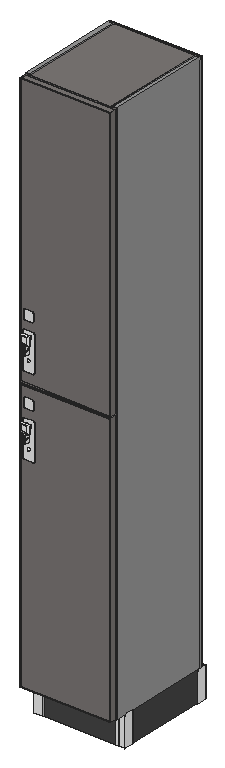
Revit family "Wood_Lockers_Hasps-Salsbury_Industries-42000_Series-1_Wide_Units.rfa", category Specialty Equipment, Revit 2016 (continued)
Definition of nested family "Wood Locker Side Panels-No Slope"
  Reference planes (in)
    plane 14 "Top of Wood": z = 71.969
    plane 15 "Bottom of Wood": z = 0.031
  Forms (in)
    Extrusion 1, solid, visible <- "Visible"
      sketch origin (0, 0.375, 0) x (1, 0, 0) y (0, 0, 1)
        loop
          line (7.2815, 71.969) -> (-7.2815, 71.969) -> (-7.2815, 0.031) -> (7.2815, 0.031) -> (7.2815, 71.969)
      from 0 to 0.719
    Extrusion 2, solid, material <- "Laminate Surface", visible <- "Visible"
      sketch origin (0, -0.375, 0) x (1, 0, 0) y (0, 0, 1)
        loop
          line (-7.3125, 72) -> (-7.3125, 0) -> (7.3125, 0) -> (7.3125, 72) -> (-7.3125, 72)
      from -0.031 to 0
    Extrusion 3, solid, material <- "Laminate Surface", visible <- "Visible"
      sketch origin (0, 0, 0) x (1, 0, 0) y (0, 0, 1)
        loop
          line (-7.3125, 0) -> (7.3125, 0) -> (7.3125, 72) -> (-7.3125, 72) -> (-7.3125, 0)
        loop
          line (-7.2815, 0.031) -> (7.2815, 0.031) -> (7.2815, 71.969) -> (-7.2815, 71.969) -> (-7.2815, 0.031)
      from -0.375 to 0.344
  Dimensions and locks (in)
    equal spacing: plane 6 "Left Side", plane 3 "Center (Left/Right)", plane 7 "Right Side"
    plane 5 "Front" to plane 1 "Center (Front/Back)" to plane 4 "Back" = 0.375", 0.375"
    "Width": plane 6 "Left Side" to plane 7 "Right Side"
    "Depth": plane 5 "Front" to plane 4 "Back"
    equal spacing: plane 9 "Top", plane 10 "Center Elevation", plane 8 "Bottom"
    "Height": plane 9 "Top" to plane 8 "Bottom"
    locked: plane 5 "Front" to plane 11 "Wood - Laminate Edge" at 0.031
    locked: plane 15 "Bottom of Wood" to plane 8 "Bottom" at 0.031
    locked: plane 12 "Right Side of Wood" to plane 7 "Right Side" at 0.031
    locked: plane 6 "Left Side" to plane 13 "Left Side of Wood" at 0.031
    locked: plane 9 "Top" to plane 14 "Top of Wood" at 0.031
    aligned and locked: level to plane 2
    aligned and locked: Extrusion 2 sketch curve to plane 7 "Right Side"
    aligned and locked: plane 8 "Bottom" to Extrusion 2 sketch curve
    aligned and locked: plane 6 "Left Side" to Extrusion 2 sketch curve
    aligned and locked: plane 9 "Top" to Extrusion 2 sketch curve
    aligned and locked: Extrusion 3 to plane 4 "Back"
    aligned and locked: plane 11 "Wood - Laminate Edge" to Extrusion 3
  Automatic sketch dimensions
    plane 13 "Left Side of Wood" to Extrusion 1 sketch curve = 0.000"
    plane 12 "Right Side of Wood" to Extrusion 1 sketch curve = 0.000"
    Extrusion 1 sketch curve to plane 15 "Bottom of Wood" = 0.000"
    Extrusion 1 sketch curve to plane 14 "Top of Wood" = 0.000"
    plane 13 "Left Side of Wood" to Extrusion 3 sketch curve = 0.000"
    Extrusion 3 sketch curve to level = 0.000"
    plane 13 "Left Side of Wood" to Extrusion 3 sketch curve = 0.031"
    plane 12 "Right Side of Wood" to Extrusion 3 sketch curve = 0.000"
    plane 7 "Right Side" to Extrusion 3 sketch curve = 0.000"
    Extrusion 3 sketch curve to plane 15 "Bottom of Wood" = 0.000"
    Extrusion 3 sketch curve to plane 14 "Top of Wood" = 0.000"
    Extrusion 3 sketch curve to plane 9 "Top" = 0.000"
Definition of nested family "Wood Locker Side Panels-With Slope"
  Parameters (values of type "44334 - 6' H  for 18" D Lockers")
    Width = 17.625"
    Visible = yes
    Version = "1.0 (12/15/23)"
    Type Comments = "Side Panel for Premier Wood Lockers with Sloping Hood"
    Slope Height = 6.806"
    Model = "44334"
    Manufacturer = "Salsbury Industries"
    Laminate Surface = none
    Height = 72.062"
    Door Trim = none
    Description = "6' H for 18\" D Lockers"
    Depth = 0.750"
  Types (6): name | Width | Visible | Version | Type Comments | Slope Height | Model | Manufacturer | Height | Description
    (no name) | 17.625" | yes | "1.0 (12/15/23)" | "Side Panel for Premier Wood Lockers with Sloping Hood" | 6.806" | "44334" | "Salsbury Industries" | 72.062" | "6' H for 18\" D Lockers"
    44334 - 6' H  for 18" D Lockers | 17.625" | yes | "1.0 (12/15/23)" | "Side Panel for Premier Wood Lockers with Sloping Hood" | 6.806" | "44334" | "Salsbury Industries" | 72.062" | "6' H for 18\" D Lockers"
    44336 - 6' H for 21" D Lockers | 20.625" | yes | "1.0 (12/15/23)" | "Side Panel for Premier Wood Lockers with Sloping Hood" | 7.931" | "44336" | "Salsbury Industries" | 72.062" | "6' H for 21\" D Lockers"
    None | 14.625" | no | "" | "" | 5.681" | "" | "" | 72.062" | ""
    44339 - 6' H for 15" D Lockers | 14.625" | yes | "1.0 (12/15/23)" | "Side Panel for Premier Wood Lockers with Sloping Hood" | 5.681" | "44339" | "Salsbury Industries" | 72.062" | "6' H for 15\" D Lockers"
    44238- 6' H for 24" D Lockers | 23.625" | yes | "1.0 (12/15/23)" | "Side Panel for Premier Wood Lockers with Sloping Hood" | 8.608" | "44238" | "Salsbury Industries" | 72.153" | "6' H for 24\" D Lockers"
  Reference planes (in)
    plane 1 "Center (Front/Back)": y = 0
    plane 2: z = 0
    plane 3 "Center (Left/Right)": x = 0
    plane 4 "Back": y = 0.375
    plane 5 "Front": y = -0.375
    plane 6 "Left Side": x = -8.8125
    plane 7 "Right Side": x = 8.8125
    plane 8 "Bottom": z = 0
    plane 9 "Top": z = 72.062
    plane 10 "Center Elevation": z = 36.031
    plane 11 "Wood - Laminate Edge": y = -0.344
    plane 12 "Right Side of Wood": x = 8.7815
    plane 13 "Left Side of Wood": x = -8.7815
    plane 14 "Top of Wood": z = 71.937
    plane 15 "Bottom of Wood": z = 0.031
    plane 16: z = 78.868
    plane 17: z = 78.743
  Forms (in)
    Extrusion 1, solid, visible <- "Visible"
      sketch origin (0, 0.375, 0) x (1, 0, 0) y (0, 0, 1)
        loop
          line (-8.8125, 78.837) -> (-8.8125, 0) -> (8.7815, 0) -> (8.7815, 72.04287) -> (-8.8125, 78.837)
      from 0 to 0.719
    Extrusion 2, solid, material <- "Laminate Surface", visible <- "Visible"
      sketch origin (0, -0.375, 0) x (1, 0, 0) y (0, 0, 1)
        loop
          line (-8.8125, 0) -> (8.8125, 0) -> (8.8125, 72.062) -> (-8.8125, 78.868) -> (-8.8125, 0)
      from -0.031 to 0
    Extrusion 3, solid, material <- "Laminate Surface", visible <- "Visible"
      sketch origin (0, -0.375, 0) x (1, 0, 0) y (0, 0, 1)
        loop
          line (8.8125, 0) -> (8.8125, 72.062) -> (-8.8125, 78.868) -> (-8.8125, 78.837) -> (8.7815, 72.04287) -> (8.7815, 0) -> (8.8125, 0)
      from -0.031 to -0.75
  Dimensions and locks (in)
    equal spacing: plane 6 "Left Side", plane 3 "Center (Left/Right)", plane 7 "Right Side"
    plane 5 "Front" to plane 1 "Center (Front/Back)" to plane 4 "Back" = 0.375", 0.375"
    "Width": plane 6 "Left Side" to plane 7 "Right Side"
    "Depth": plane 5 "Front" to plane 4 "Back"
    equal spacing: plane 9 "Top", plane 10 "Center Elevation", plane 8 "Bottom"
    "Height": plane 9 "Top" to plane 8 "Bottom"
    locked: plane 5 "Front" to plane 11 "Wood - Laminate Edge" at 0.031
    locked: plane 15 "Bottom of Wood" to plane 8 "Bottom" at 0.031
    locked: plane 12 "Right Side of Wood" to plane 7 "Right Side" at 0.031
    locked: plane 6 "Left Side" to plane 13 "Left Side of Wood" at 0.031
    locked: plane 9 "Top" to plane 14 "Top of Wood" at 0.125
    "Slope Height": plane 16 to plane 9 "Top"
    locked: plane 16 to plane 17 at 0.125
    aligned and locked: level to plane 2
    aligned and locked: Extrusion 3 to plane 4 "Back"
    aligned and locked: plane 11 "Wood - Laminate Edge" to Extrusion 3
  Automatic sketch dimensions
    plane 6 "Left Side" to Extrusion 2 sketch curve = 0.000"
    plane 7 "Right Side" to Extrusion 2 sketch curve = 0.000"
    Extrusion 2 sketch curve to level = 0.000"
    Extrusion 2 sketch curve to plane 9 "Top" = 0.000"
    Extrusion 2 sketch curve to plane 16 = 0.000"
    Extrusion 1 sketch curve to level = 0.000"
    plane 6 "Left Side" to Extrusion 1 sketch curve = 0.000"
    plane 12 "Right Side of Wood" to Extrusion 1 sketch curve = 0.000"
    plane 9 "Top" to Extrusion 1 sketch curve = 0.01913"
    plane 6 "Left Side" to Extrusion 3 sketch curve = 0.000"
    plane 12 "Right Side of Wood" to Extrusion 3 sketch curve = 0.000"
    plane 7 "Right Side" to Extrusion 3 sketch curve = 0.000"
    Extrusion 3 sketch curve to level = 0.000"
    Extrusion 3 sketch curve to plane 9 "Top" = 0.000"
    Extrusion 3 sketch curve to plane 16 = 0.000"
    plane 9 "Top" to Extrusion 3 sketch curve = 0.01913"
    plane 16 to Extrusion 3 sketch curve = 0.031"
    plane 16 to Extrusion 1 sketch curve = 0.031"
Definition of nested family "Wood Locker Double Side Panels-No Slope"
  Parameters (values of type "44330DE - 6' H for 15"D Lockers")
    Width = 29.250"
    Visible = yes
    Version = "1.0 (12/15/23)"
    Type Comments = "Double End Panel for Premier Wood Lockers"
    Model = "44330DE"
    Manufacturer = "Salsbury Industries"
    Laminate Surface = none
    Height = 72.000"
    Door Trim = none
    Description = "For 6' H x 15\" D without Sloping Hood"
    Depth = 0.750"
  Types (6): name | Width | Visible | Version | Type Comments | Model | Manufacturer | Description
    (no name) | 29.250" | yes | "1.0 (12/15/23)" | "Double End Panel for Premier Wood Lockers" | "44330DE" | "Salsbury Industries" | "For 6' H x 15\" D without Sloping Hood"
    44330DE - 6' H for 15"D Lockers | 29.250" | yes | "1.0 (12/15/23)" | "Double End Panel for Premier Wood Lockers" | "44330DE" | "Salsbury Industries" | "For 6' H x 15\" D without Sloping Hood"
    44333DE - 6' H for 18" D Lockers | 35.250" | yes | "1.0 (12/15/23)" | "Double End Panel for Premier Wood Lockers" | "44333DE" | "Salsbury Industries" | "For 6' H x 18\" D without Sloping Hood"
    44335DE - 6' H for 21" D Lockers | 41.250" | yes | "1.0 (12/15/23)" | "Double End Panel for Premier Wood Lockers" | "44335DE" | "Salsbury Industries" | "For 6' H x 21\" D without Sloping Hood"
    None | 14.000" | no | "" | "" | "" | "" | ""
    44237DE - 6' H for 24" D Lockers | 47.250" | yes | "1.0 (12/15/23)" | "Double End Panel for Premier Wood Lockers" | "44237DE" | "Salsbury Industries" | "For 6' H x 21\" D without Sloping Hood"
  Reference planes (in)
    plane 1 "Center (Front/Back)": y = 0
    plane 2: z = 0
    plane 3 "Center (Left/Right)": x = 0
    plane 4 "Back": y = 0.375
    plane 5 "Front": y = -0.375
    plane 6 "Left Side": x = -14.625
    plane 7 "Right Side": x = 14.625
    plane 8 "Bottom": z = 0
    plane 9 "Top": z = 72
    plane 10 "Center Elevation": z = 36
    plane 11 "Wood - Laminate Edge": y = -0.344
    plane 12 "Right Side of Wood": x = 14.594
    plane 13 "Left Side of Wood": x = -14.594
    plane 14 "Top of Wood": z = 71.969
    plane 15 "Bottom of Wood": z = 0.031
  Forms (in)
    Extrusion 1, solid, visible <- "Visible"
      sketch origin (0, 0.375, 0) x (1, 0, 0) y (0, 0, 1)
        loop
          line (14.594, 71.969) -> (-14.594, 71.969) -> (-14.594, 0.031) -> (14.594, 0.031) -> (14.594, 71.969)
      from 0 to 0.719
    Extrusion 2, solid, material <- "Laminate Surface", visible <- "Visible"
      sketch origin (0, -0.375, 0) x (1, 0, 0) y (0, 0, 1)
        loop
          line (-14.625, 72) -> (-14.625, 0) -> (14.625, 0) -> (14.625, 72) -> (-14.625, 72)
      from -0.031 to 0
    Extrusion 3, solid, material <- "Laminate Surface", visible <- "Visible"
      sketch origin (0, 0, 0) x (1, 0, 0) y (0, 0, 1)
        loop
          line (-14.625, 0) -> (14.625, 0) -> (14.625, 72) -> (-14.625, 72) -> (-14.625, 0)
        loop
          line (14.594, 71.969) -> (-14.594, 71.969) -> (-14.594, 0.031) -> (14.594, 0.031) -> (14.594, 71.969)
      from -0.375 to 0.344
  Dimensions and locks (in)
    equal spacing: plane 6 "Left Side", plane 3 "Center (Left/Right)", plane 7 "Right Side"
    plane 5 "Front" to plane 1 "Center (Front/Back)" to plane 4 "Back" = 0.375", 0.375"
    "Width": plane 6 "Left Side" to plane 7 "Right Side"
    "Depth": plane 5 "Front" to plane 4 "Back"
    equal spacing: plane 9 "Top", plane 10 "Center Elevation", plane 8 "Bottom"
    "Height": plane 9 "Top" to plane 8 "Bottom"
    locked: plane 5 "Front" to plane 11 "Wood - Laminate Edge" at 0.031
    locked: plane 15 "Bottom of Wood" to plane 8 "Bottom" at 0.031
    plane 12 "Right Side of Wood" to plane 7 "Right Side" = 0.031"
    locked: plane 6 "Left Side" to plane 13 "Left Side of Wood" at 0.031
    locked: plane 9 "Top" to plane 14 "Top of Wood" at 0.031
    aligned and locked: level to plane 2
    aligned and locked: plane 8 "Bottom" to Extrusion 2 sketch curve
    aligned and locked: plane 6 "Left Side" to Extrusion 2 sketch curve
    aligned and locked: Extrusion 2 sketch curve to plane 7 "Right Side"
    aligned and locked: plane 9 "Top" to Extrusion 2 sketch curve
    aligned and locked: Extrusion 3 to plane 4 "Back"
    aligned and locked: plane 11 "Wood - Laminate Edge" to Extrusion 3
  Automatic sketch dimensions
    plane 13 "Left Side of Wood" to Extrusion 1 sketch curve = 0.000"
    plane 12 "Right Side of Wood" to Extrusion 1 sketch curve = 0.000"
    Extrusion 1 sketch curve to plane 15 "Bottom of Wood" = 0.000"
    Extrusion 1 sketch curve to plane 14 "Top of Wood" = 0.000"
    Extrusion 3 sketch curve to level = 0.000"
    plane 6 "Left Side" to Extrusion 3 sketch curve = 0.000"
    plane 7 "Right Side" to Extrusion 3 sketch curve = 0.000"
    Extrusion 3 sketch curve to plane 9 "Top" = 0.000"
    plane 13 "Left Side of Wood" to Extrusion 3 sketch curve = 0.000"
    Extrusion 3 sketch curve to plane 15 "Bottom of Wood" = 0.000"
    Extrusion 3 sketch curve to plane 14 "Top of Wood" = 0.000"
    plane 12 "Right Side of Wood" to Extrusion 3 sketch curve = 0.000"
Definition of nested family "Wood Locker Double Side Panels-With Slope"
  Parameters (values of type "44339DE - 6' H for 15"D Lockers")
    Width = 29.250"
    Visible = yes
    Version = "1.0 (12/15/23)"
    Type Comments = "Double End Panel for Premier Wood Lockers"
    Slope Height = 5.681"
    Model = "44339DE"
    Manufacturer = "Salsbury Industries"
    Laminate Surface = none
    Height = 72.062"
    Door Trim = none
    Description = "For 6' H x 15\" D Lockers with Sloping Hood"
    Depth = 0.750"
  Types (6): name | Width | Visible | Version | Type Comments | Slope Height | Model | Manufacturer | Height | Description
    (no name) | 29.250" | yes | "1.0 (12/15/23)" | "Double End Panel for Premier Wood Lockers" | 5.681" | "44339DE" | "Salsbury Industries" | 72.062" | "For 6' H x 15\" D Lockers with Sloping Hood"
    44339DE - 6' H for 15"D Lockers | 29.250" | yes | "1.0 (12/15/23)" | "Double End Panel for Premier Wood Lockers" | 5.681" | "44339DE" | "Salsbury Industries" | 72.062" | "For 6' H x 15\" D Lockers with Sloping Hood"
    44334DE - 6' H  for 18" D Lockers | 35.250" | yes | "1.0 (12/15/23)" | "Double End Panel for Premier Wood Lockers" | 6.806" | "44334DE" | "Salsbury Industries" | 72.062" | "For 6' H x 18\" D Lockers with Sloping Hood"
    44336DE - 6' H for 21" D Lockers | 41.250" | yes | "1.0 (12/15/23)" | "Double End Panel for Premier Wood Lockers" | 7.931" | "44336DE" | "Salsbury Industries" | 72.062" | "For 6' H x 21\" D Lockers with Sloping Hood"
    None | 14.000" | no | "" | "" | 5.500" | "" | "" | 72.000" | ""
    44238DE - 6' H for 24" D Lockers | 47.250" | yes | "1.0 (12/15/23)" | "Double End Panel for Premier Wood Lockers" | 8.895" | "442386DE" | "Salsbury Industries" | 72.153" | "For 6' H x 21\" D Lockers with Sloping Hood"
  Reference planes (in)
    plane 1 "Center (Front/Back)": y = 0
    plane 2: z = 0
    plane 3 "Center (Left/Right)": x = 0
    plane 4 "Back": y = 0.375
    plane 5 "Front": y = -0.375
    plane 6 "Left Side": x = -14.625
    plane 7 "Right Side": x = 14.625
    plane 8 "Bottom": z = 0
    plane 9 "Top": z = 72.062
    plane 10 "Center Elevation": z = 36.031
    plane 11 "Wood - Laminate Edge": y = -0.344
    plane 12 "Right Side of Wood": x = 14.594
    plane 13 "Left Side of Wood": x = -14.594
    plane 14 "Top of Wood": z = 71.937
    plane 15 "Bottom of Wood": z = 0.125
    plane 16: z = 77.743
    plane 17: z = 77.712
  Forms (in)
    Extrusion 1, solid, visible <- "Visible"
      sketch origin (0, 0.375, 0) x (1, 0, 0) y (0, 0, 1)
        loop
          line (14.594, 72.031) -> (0, 77.712) -> (-14.594, 72.031) -> (-14.594, 0) -> (14.594, 0) -> (14.594, 72.031)
      from 0 to 0.719
    Extrusion 2, solid, material <- "Laminate Surface", visible <- "Visible"
      sketch origin (0, -0.375, 0) x (1, 0, 0) y (0, 0, 1)
        loop
          line (14.625, 0) -> (14.625, 72.062) -> (0, 77.743) -> (-14.625, 72.062) -> (-14.625, 0) -> (14.625, 0)
      from -0.031 to 0
    Extrusion 3, solid, material <- "Laminate Surface", visible <- "Visible"
      sketch origin (0, 0.375, 0) x (1, 0, 0) y (0, 0, 1)
        loop
          line (14.625, 0) -> (14.625, 72.062) -> (0, 77.743) -> (-14.625, 72.062) -> (-14.625, 0) -> (-14.594, 0) -> (-14.594, 72.031) -> (0, 77.712) -> (14.594, 72.031) -> (14.594, 0) -> (14.625, 0)
      from 0 to 0.719
  Dimensions and locks (in)
    equal spacing: plane 6 "Left Side", plane 3 "Center (Left/Right)", plane 7 "Right Side"
    plane 5 "Front" to plane 1 "Center (Front/Back)" to plane 4 "Back" = 0.375", 0.375"
    "Width": plane 6 "Left Side" to plane 7 "Right Side"
    "Depth": plane 5 "Front" to plane 4 "Back"
    equal spacing: plane 9 "Top", plane 10 "Center Elevation", plane 8 "Bottom"
    "Height": plane 9 "Top" to plane 8 "Bottom"
    locked: plane 5 "Front" to plane 11 "Wood - Laminate Edge" at 0.031
    locked: plane 15 "Bottom of Wood" to plane 8 "Bottom" at 0.125
    locked: plane 12 "Right Side of Wood" to plane 7 "Right Side" at 0.031
    locked: plane 6 "Left Side" to plane 13 "Left Side of Wood" at 0.031
    locked: plane 9 "Top" to plane 14 "Top of Wood" at 0.125
    "Slope Height": plane 16 to plane 9 "Top"
    locked: plane 16 to plane 17 at 0.031
    aligned and locked: level to plane 2
    aligned and locked: Extrusion 3 to plane 4 "Back"
    aligned and locked: plane 11 "Wood - Laminate Edge" to Extrusion 3
  Automatic sketch dimensions
    plane 6 "Left Side" to Extrusion 2 sketch curve = 0.000"
    Extrusion 2 sketch curve to plane 3 "Center (Left/Right)" = 0.000"
    plane 7 "Right Side" to Extrusion 2 sketch curve = 0.000"
    Extrusion 2 sketch curve to level = 0.000"
    Extrusion 2 sketch curve to plane 9 "Top" = 0.000"  (x2)
    Extrusion 2 sketch curve to plane 16 = 0.000"
    Extrusion 1 sketch curve to level = 0.000"
    plane 13 "Left Side of Wood" to Extrusion 1 sketch curve = 0.000"
    Extrusion 1 sketch curve to plane 3 "Center (Left/Right)" = 0.000"
    plane 12 "Right Side of Wood" to Extrusion 1 sketch curve = 0.000"
    Extrusion 1 sketch curve to plane 17 = 0.000"
    plane 9 "Top" to Extrusion 1 sketch curve = 0.031"  (x2)
    Extrusion 3 sketch curve to level = 0.000"  (x2)
    plane 6 "Left Side" to Extrusion 3 sketch curve = 0.000"
    plane 13 "Left Side of Wood" to Extrusion 3 sketch curve = 0.000"
    Extrusion 3 sketch curve to plane 3 "Center (Left/Right)" = 0.000"  (x2)
    plane 12 "Right Side of Wood" to Extrusion 3 sketch curve = 0.000"
    plane 7 "Right Side" to Extrusion 3 sketch curve = 0.000"
    Extrusion 3 sketch curve to plane 9 "Top" = 0.000"  (x2)
    plane 9 "Top" to Extrusion 3 sketch curve = 0.031"  (x2)
    Extrusion 3 sketch curve to plane 17 = 0.000"
    Extrusion 3 sketch curve to plane 16 = 0.000"
Definition of nested family "Wood Locker Front Fillers"
  Parameters (values of type "44467 - 15" W for 6'H Lockers without Base")
    Width = 15.000"
    Visible Base = no
    Visible = yes
    Version = "1.0 (12/15/23)"
    Type Comments = "Front Vertical Filler for Premier Wood Lockers"
    Model = "44467"
    Manufacturer = "Salsbury Industries"
    Laminate Surface = none
    Height = 72.000"
    Description = "For 6' H Lockers"
    Depth = 0.750"
    Base Material = none
    Base Height = 0.000"
  Types (3): name | Width | Visible | Version | Type Comments | Model | Manufacturer | Description | Base Height
    None | 15.000" | no | "" | "" | "" | "" | "" | 4.000"
    44467 - 15" W for 6'H Lockers without Base | 15.000" | yes | "1.0 (12/15/23)" | "Front Vertical Filler for Premier Wood Lockers" | "44467" | "Salsbury Industries" | "For 6' H Lockers" | 0.000"
    44469 - 9" W for 6' H Lockers without Base | 9.000" | yes | "1.0 (12/15/23)" | "Front Vertical Filler for Premier Wood Lockers" | "44469" | "Salsbury Industries" | "For 6' H Lockers" | 0.000"
  Reference planes (in)
    plane 1 "Center (Front/Back)": y = 0
    plane 2: z = 0
    plane 3 "Center (Left/Right)": x = 0
    plane 4 "Back": y = 0.375
    plane 5 "Front": y = -0.375
    plane 6 "Left Side": x = -7.5
    plane 7 "Right Side": x = 7.5
    plane 8 "Bottom": z = 0
    plane 9 "Top": z = 72
    plane 10 "Center Elevation": z = 36
    plane 11 "Wood - Laminate Edge": y = -0.344
    plane 12 "Right Side of Wood": x = 7.375
    plane 13 "Left Side of Wood": x = -7.375
    plane 14 "Top of Wood": z = 71.875
    plane 15 "Bottom of Wood": z = 0.125
    plane 16 "Front of Base Filler": y = 1
  Forms (in)
    Extrusion 1, solid, visible <- "Visible"
      sketch origin (0, 0.375, 0) x (1, 0, 0) y (0, 0, 1)
        loop
          line (7.5, 72) -> (-7.5, 72) -> (-7.5, 0) -> (7.5, 0) -> (7.5, 72)
      from 0 to 0.719
    Extrusion 2, solid, material <- "Laminate Surface", visible <- "Visible"
      sketch origin (0, -0.375, 0) x (1, 0, 0) y (0, 0, 1)
        loop
          line (-7.5, 72) -> (-7.5, 0) -> (7.5, 0) -> (7.5, 72) -> (-7.5, 72)
      from -0.031 to 0
    Extrusion 3, solid, material <- "Base Material", visible <- "Visible Base"
      sketch origin (0, 0, 0) x (1, 0, 0) y (0, 1, 0)
        loop
          line (-7.5, 1.75) -> (-7.5, 0.375) -> (7.5, 0.375) -> (7.5, 1.75) -> (-7.5, 1.75)
      from 0 to 0.75
    Extrusion 4, solid, material <- "Base Material", visible <- "Visible Base"
      sketch origin (0, 0, 0) x (1, 0, 0) y (0, 1, 0)
        loop
          line (-7.5, 1.75) -> (-7.5, 1) -> (7.5, 1) -> (7.5, 1.75) -> (-7.5, 1.75)
      from 0 to -4
  Dimensions and locks (in)
    equal spacing: plane 6 "Left Side", plane 3 "Center (Left/Right)", plane 7 "Right Side"
    plane 5 "Front" to plane 1 "Center (Front/Back)" to plane 4 "Back" = 0.375", 0.375"
    "Width": plane 6 "Left Side" to plane 7 "Right Side"
    "Depth": plane 5 "Front" to plane 4 "Back"
    equal spacing: plane 9 "Top", plane 10 "Center Elevation", plane 8 "Bottom"
    locked: plane 5 "Front" to plane 11 "Wood - Laminate Edge" at 0.031
    locked: plane 15 "Bottom of Wood" to plane 8 "Bottom" at 0.125
    locked: plane 12 "Right Side of Wood" to plane 7 "Right Side" at 0.125
    locked: plane 6 "Left Side" to plane 13 "Left Side of Wood" at 0.125
    locked: plane 9 "Top" to plane 14 "Top of Wood" at 0.125
    locked: plane 5 "Front" to plane 16 "Front of Base Filler" at 1.375
    "Base Height": plane 8 "Bottom" to plane 2
    "Height": plane 9 "Top" to plane 8 "Bottom"
    aligned and locked: level to plane 2
    aligned and locked: plane 8 "Bottom" to Extrusion 1
  Automatic sketch dimensions
    plane 6 "Left Side" to Extrusion 1 sketch curve = 0.000"
    plane 7 "Right Side" to Extrusion 1 sketch curve = 0.000"
    level to Extrusion 1 sketch curve = 0.000"
    Extrusion 1 sketch curve to plane 9 "Top" = 0.000"
    plane 6 "Left Side" to Extrusion 2 sketch curve = 0.000"
    plane 7 "Right Side" to Extrusion 2 sketch curve = 0.000"
    plane 15 "Bottom of Wood" to Extrusion 2 sketch curve = 0.125"
    Extrusion 2 sketch curve to plane 9 "Top" = 0.000"
    plane 4 "Back" to Extrusion 3 sketch curve = 0.000"
    Extrusion 3 sketch curve to plane 6 "Left Side" = 0.000"
    Extrusion 3 sketch curve to plane 7 "Right Side" = 0.000"
    Extrusion 3 sketch curve to plane 16 "Front of Base Filler" = 0.750"
    Extrusion 4 sketch curve to plane 6 "Left Side" = 0.000"
    Extrusion 4 sketch curve to plane 7 "Right Side" = 0.000"
    plane 16 "Front of Base Filler" to Extrusion 4 sketch curve = 0.000"
    Extrusion 4 sketch curve to plane 16 "Front of Base Filler" = 0.750"
Definition of nested family "Wood Locker Front Corner Filler"
  Parameters (values of type "44464 - for 6' H Lockers with Base")
    Width = 2.250"
    Visible Base = yes
    Visible = yes
    Version = "1.0 (12/15/23)"
    Type Comments = "Front Vertical Corner Filler for Designer Wood Lockers"
    Primary Structure Materials = none
    Model = "44464"
    Manufacturer = "Salsbury Industries"
    Laminate Surface = none
    Height = 72.000"
    Description = "For 6' H Lockers"
    Depth = 0.750"
    Base Primary Materials = none
    Base Height = 4.000"
  Types (3): name | Visible Base | Visible | Version | Type Comments | Model | Manufacturer | Description | Base Height
    None | no | no | "" | "" | "" | "" | "" | 4.000"
    44464 - for 6'H Lockers without Base | no | yes | "1.0 (12/15/23)" | "Front Vertical Corner Filler for Designer Wood Lockers" | "44464" | "Salsbury Industries" | "For 6' H Lockers" | 0.000"
    44464 - for 6' H Lockers with Base | yes | yes | "1.0 (12/15/23)" | "Front Vertical Corner Filler for Designer Wood Lockers" | "44464" | "Salsbury Industries" | "For 6' H Lockers" | 4.000"
  Reference planes (in)
    plane 1 "Center (Front/Back)": y = 0
    plane 2 "Bottom of Base": z = 0
    plane 3 "Center (Left/Right)": x = 0
    plane 4 "Back": y = 0.375
    plane 5 "Front": y = -0.375
    plane 6 "Left Side": x = -1.125
    plane 7 "Right Side": x = 1.125
    plane 8 "Bottom": z = 4
    plane 9 "Top": z = 76
    plane 10 "Center Elevation": z = 40
    plane 11 "Wood - Laminate Edge": y = -0.344
    plane 12 "Right Side of Wood": x = 1
    plane 13 "Left Side of Wood": x = -1
    plane 14 "Top of Wood": z = 75.875
    plane 15 "Bottom of Wood": z = 4.125
    plane 16 "Front of Base Filler": y = 1
  Forms (in)
    Extrusion 1, solid, material <- "Primary Structure Materials", visible <- "Visible"
      sketch origin (0, 0.375, 0) x (1, 0, 0) y (0, 0, 1)
        loop
          line (1.125, 76) -> (-1.156, 76) -> (-1.156, 4) -> (1.125, 4) -> (1.125, 76)
      from 0 to 0.719
    Extrusion 2, solid, material <- "Laminate Surface", visible <- "Visible"
      sketch origin (0, -0.375, 0) x (1, 0, 0) y (0, 0, 1)
        loop
          line (-1.125, 76) -> (-1.125, 4) -> (1.125, 4) -> (1.125, 76) -> (-1.125, 76)
      from -0.031 to 0
    Extrusion 3, solid, material <- "Primary Structure Materials", visible <- "Visible"
      sketch origin (-1.875, -1.5, 0) x (0, 1, 0) y (0, 0, 1)
        loop
          line (1.875, 76) -> (-1.125, 76) -> (-1.125, 4) -> (1.875, 4) -> (1.875, 76)
      from 0 to 0.719
    Extrusion 4, solid, material <- "Laminate Surface", visible <- "Visible"
      sketch origin (-1.125, -1.5, 0) x (0, 1, 0) y (0, 0, 1)
        loop
          line (-1.125, 76) -> (-1.125, 4) -> (1.156, 4) -> (1.156, 76) -> (-1.125, 76)
      from -0.031 to 0
    Extrusion 5, solid, material <- "Base Primary Materials", visible <- "Visible Base"
      sketch origin (0, 0, 0) x (1, 0, 0) y (0, 1, 0)
        loop
          line (-3.25, 1.75) -> (-3.25, -2.625) -> (-1.875, -2.625) -> (-1.875, 1.75) -> (-3.25, 1.75)
      from 4 to 4.75
    Extrusion 6, solid, material <- "Base Primary Materials", visible <- "Visible Base"
      sketch origin (0, 0, 0) x (1, 0, 0) y (0, 1, 0)
        loop
          line (-1.875, 1.75) -> (-1.875, 0.375) -> (1.125, 0.375) -> (1.125, 1.75) -> (-1.875, 1.75)
      from 4 to 4.75
    Extrusion 7, solid, material <- "Base Primary Materials", visible <- "Visible Base"
      sketch origin (0, 0, 0) x (1, 0, 0) y (0, 1, 0)
        loop
          line (1.125, 1.75) -> (-2.43407, 1.75) -> (-2.43407, 1) -> (1.125, 1) -> (1.125, 1.75)
      from 0 to 4
    Extrusion 8, solid, material <- "Base Primary Materials", visible <- "Visible Base"
      sketch origin (0, 0, 0) x (1, 0, 0) y (0, 1, 0)
        loop
          line (-3.25, 1.75) -> (-3.25, -2.625) -> (-2.43407, -2.625) -> (-2.43407, 1.75) -> (-3.25, 1.75)
      from 0 to 4
  Dimensions and locks (in)
    equal spacing: plane 6 "Left Side", plane 3 "Center (Left/Right)", plane 7 "Right Side"
    plane 5 "Front" to plane 1 "Center (Front/Back)" to plane 4 "Back" = 0.375", 0.375"
    "Width": plane 6 "Left Side" to plane 7 "Right Side"
    "Depth": plane 5 "Front" to plane 4 "Back"
    equal spacing: plane 9 "Top", plane 10 "Center Elevation", plane 8 "Bottom"
    "Height": plane 9 "Top" to plane 8 "Bottom"
    locked: plane 5 "Front" to plane 11 "Wood - Laminate Edge" at 0.031
    locked: plane 15 "Bottom of Wood" to plane 8 "Bottom" at 0.125
    locked: plane 12 "Right Side of Wood" to plane 7 "Right Side" at 0.125
    locked: plane 6 "Left Side" to plane 13 "Left Side of Wood" at 0.125
    locked: plane 9 "Top" to plane 14 "Top of Wood" at 0.125
    locked: plane 5 "Front" to plane 16 "Front of Base Filler" at 1.375
    "Base Height": plane 8 "Bottom" to plane 2 "Bottom of Base"
    aligned and locked: level to plane 2 "Bottom of Base"
    aligned and locked: plane 8 "Bottom" to Extrusion 1
    aligned and locked: Extrusion 7 to Extrusion 5
    aligned and locked: Extrusion 8 to Extrusion 5
    aligned and locked: Extrusion 7 to Extrusion 8
  Automatic sketch dimensions
    Extrusion 1 sketch curve to plane 9 "Top" = 0.000"
    Extrusion 1 sketch curve to plane 8 "Bottom" = 0.000"
    plane 7 "Right Side" to Extrusion 1 sketch curve = 0.000"
    plane 6 "Left Side" to Extrusion 1 sketch curve = 0.031"
    plane 6 "Left Side" to Extrusion 2 sketch curve = 0.000"
    plane 7 "Right Side" to Extrusion 2 sketch curve = 0.000"
    Extrusion 2 sketch curve to plane 8 "Bottom" = 0.000"
    Extrusion 2 sketch curve to plane 9 "Top" = 0.000"
    plane 9 "Top" to Extrusion 3 sketch curve = 0.000"
    plane 8 "Bottom" to Extrusion 3 sketch curve = 0.000"
    Extrusion 3 sketch curve to plane 4 "Back" = 0.000"
    plane 5 "Front" to Extrusion 3 sketch curve = 2.250"
    plane 8 "Bottom" to Extrusion 4 sketch curve = 0.000"
    plane 9 "Top" to Extrusion 4 sketch curve = 0.000"
    Extrusion 4 sketch curve to plane 11 "Wood - Laminate Edge" = 0.000"
    plane 5 "Front" to Extrusion 4 sketch curve = 2.250"
    plane 6 "Left Side" to Extrusion 5 sketch curve = 2.125"
    plane 6 "Left Side" to Extrusion 5 sketch curve = 0.750"
    plane 5 "Front" to Extrusion 5 sketch curve = 2.250"
    Extrusion 5 sketch curve to plane 16 "Front of Base Filler" = 0.750"
    plane 16 "Front of Base Filler" to Extrusion 7 sketch curve = 0.000"
    Extrusion 7 sketch curve to plane 7 "Right Side" = 0.000"
    plane 6 "Left Side" to Extrusion 7 sketch curve = 1.30907"
    Extrusion 7 sketch curve to plane 16 "Front of Base Filler" = 0.750"
    plane 6 "Left Side" to Extrusion 8 sketch curve = 2.125"
    Extrusion 8 sketch curve to Extrusion 8 sketch curve = 0.81593"
    plane 5 "Front" to Extrusion 8 sketch curve = 2.250"
    Extrusion 8 sketch curve to plane 16 "Front of Base Filler" = 0.750"
    plane 4 "Back" to Extrusion 6 sketch curve = 0.000"
    Extrusion 6 sketch curve to plane 7 "Right Side" = 0.000"
    plane 6 "Left Side" to Extrusion 6 sketch curve = 0.750"
    Extrusion 6 sketch curve to plane 16 "Front of Base Filler" = 0.750"
Definition of nested family "Wood Locker Sloping In-Line Fillers"
  Parameters (values of type "44481 - 15" W for 21" D Lockers")
    Width = 15.000"
    Visible = yes
    Version = "1.0 (12/15/23)"
    Type Comments = "Sloping Hood In-Line Filler for Premier Wood Lockers"
    Model = "44481"
    Manufacturer = "Salsbury Industries"
    Laminate Surface = none
    Height = 7.993"
    Description = "For 21\" D Lockers"
    Depth = 20.625"
  Types (10): name | Width | Visible | Version | Type Comments | Model | Manufacturer | Height | Description | Depth
    (no name) | 15.000" | yes | "1.0 (12/15/23)" | "Sloping Hood In-Line Filler for Premier Wood Lockers" | "44481" | "Salsbury Industries" | 7.993" | "For 21\" D Lockers" | 20.625"
    44487 - 15" W for 15" D Lockers | 15.000" | yes | "1.0 (12/15/23)" | "Sloping Hood In-Line Filler for Premier Wood Lockers" | "44487" | "Salsbury Industries" | 5.743" | "For 15\" D Lockers" | 14.625"
    44488 - 15" W for 18" D Lockers | 15.000" | yes | "1.0 (12/15/23)" | "Sloping Hood In-Line Filler for Premier Wood Lockers" | "44488" | "Salsbury Industries" | 6.868" | "For 18\" D Lockers" | 17.625"
    44481 - 15" W for 21" D Lockers | 15.000" | yes | "1.0 (12/15/23)" | "Sloping Hood In-Line Filler for Premier Wood Lockers" | "44481" | "Salsbury Industries" | 7.993" | "For 21\" D Lockers" | 20.625"
    None | 12.000" | no | "" | "" | "" | "" | 5.500" | "" | 14.000"
    44489 - 15" W for 24" D Lockers | 15.000" | yes | "1.0 (12/15/23)" | "Sloping Hood In-Line Filler for Premier Wood Lockers" | "44489" | "Salsbury Industries" | 8.875" | "For 24\" D Lockers" | 23.000"
    44488 - 9" W for 18" D Lockers | 9.000" | yes | "1.0 (12/15/23)" | "Sloping Hood In-Line Filler for Premier Wood Lockers" | "44488" | "Salsbury Industries" | 6.868" | "For 18\" D Lockers" | 17.625"
    44487 - 9" W for 15" D Lockers | 9.000" | yes | "1.0 (12/15/23)" | "Sloping Hood In-Line Filler for Premier Wood Lockers" | "44487" | "Salsbury Industries" | 5.743" | "For 15\" D Lockers" | 14.625"
    44481 - 9" W for 21" D Lockers | 9.000" | yes | "1.0 (12/15/23)" | "Sloping Hood In-Line Filler for Premier Wood Lockers" | "44481" | "Salsbury Industries" | 7.750" | "For 21\" D Lockers" | 20.000"
    44489 - 9" W for 24" D Lockers | 9.000" | yes | "1.0 (12/15/23)" | "Sloping Hood In-Line Filler for Premier Wood Lockers" | "44489" | "Salsbury Industries" | 8.875" | "For 24\" D Lockers" | 23.000"
  Reference planes (in)
    plane 1 "Center (Front/Back)": y = 0
    plane 2: z = 0
    plane 3 "Center (Left/Right)": x = 0
    plane 4 "Front of Hood": y = -10.3125
    plane 5 "Back of Hood": y = 10.3125
    plane 6 "Right Side of Hood": x = 7.5
    plane 7 "Left Side of Hood": x = -7.5
    plane 8 "Bottom of Hood": z = 0
    plane 9 "Top of Hood": z = 7.993
    plane 10: x = 6.75
    plane 11: x = -6.75
    plane 12: y = -10.2815
    plane 13: y = -9.5625
    plane 14: z = 7.962
    plane 15: z = 7.243
    plane 16: z = 0.062
    plane 17: z = 0.75
  Forms (in)
    Extrusion 1, solid, visible <- "Visible"
      sketch origin (0, 0, 0) x (0, 1, 0) y (0, 0, 1)
        loop
          line (-8.47273, 0) -> (10.3125, 7.243) -> (10.3125, 7.962) -> (-10.23269, 0.062) -> (-10.2815, 0.062) -> (-10.2815, 0) -> (-8.47273, 0)
      from -7.5 to 7.5
    Extrusion 2, solid, material <- "Laminate Surface", visible <- "Visible"
      sketch origin (0, 0, 0) x (0, 1, 0) y (0, 0, 1)
        loop
          line (-10.3125, 0.062) -> (-10.3125, 0) -> (-10.2815, 0) -> (-10.2815, 0.062) -> (-10.3125, 0.062)
      from -7.5 to 7.5
    Extrusion 3, solid, material <- "Laminate Surface", visible <- "Visible"
      sketch origin (0, 0, 0) x (0, 1, 0) y (0, 0, 1)
        loop
          line (10.3125, 7.993) -> (-10.3125, 0.062) -> (-10.23269, 0.062) -> (10.3125, 7.962) -> (10.3125, 7.993)
      from -7.5 to 7.5
  Dimensions and locks (in)
    equal spacing: plane 7 "Left Side of Hood", plane 3 "Center (Left/Right)", plane 6 "Right Side of Hood"
    "Width": plane 7 "Left Side of Hood" to plane 6 "Right Side of Hood"
    equal spacing: plane 4 "Front of Hood", plane 1 "Center (Front/Back)", plane 5 "Back of Hood"
    "Depth": plane 4 "Front of Hood" to plane 5 "Back of Hood"
    "Height": plane 9 "Top of Hood" to plane 8 "Bottom of Hood"
    plane 7 "Left Side of Hood" to plane 11 = 0.750"
    plane 10 to plane 6 "Right Side of Hood" = 0.750"
    plane 4 "Front of Hood" to plane 12 to plane 13 = 0.031" locked, 0.719" locked
    plane 15 to plane 14 to plane 9 "Top of Hood" = 0.719" locked, 0.031" locked
    locked: plane 16 to plane 8 "Bottom of Hood" at 0.062
    locked: plane 17 to plane 8 "Bottom of Hood" at 0.75
    aligned and locked: level to plane 2
    aligned and locked: Extrusion 1 to plane 6 "Right Side of Hood"
    aligned and locked: plane 7 "Left Side of Hood" to Extrusion 1
    aligned and locked: plane 7 "Left Side of Hood" to Extrusion 3
    aligned and locked: Extrusion 3 to plane 6 "Right Side of Hood"
    aligned and locked: Extrusion 2 to plane 6 "Right Side of Hood"
    aligned and locked: plane 7 "Left Side of Hood" to Extrusion 2
  Automatic sketch dimensions
    Extrusion 2 sketch curve to level = 0.000"
    Extrusion 2 sketch curve to plane 4 "Front of Hood" = 0.000"
    Extrusion 2 sketch curve to plane 12 = 0.000"
    plane 16 to Extrusion 2 sketch curve = 0.000"
    Extrusion 3 sketch curve to plane 4 "Front of Hood" = 0.000"
    plane 16 to Extrusion 3 sketch curve = 0.000"
    Extrusion 3 sketch curve to plane 5 "Back of Hood" = 0.000"
    plane 14 to Extrusion 3 sketch curve = 0.000"
    plane 9 "Top of Hood" to Extrusion 3 sketch curve = 0.000"
    Extrusion 3 sketch curve to plane 12 = 0.04881"
    Extrusion 1 sketch curve to level = 0.000"
    Extrusion 1 sketch curve to plane 12 = 0.000"
    plane 16 to Extrusion 1 sketch curve = 0.000"
    Extrusion 1 sketch curve to plane 5 "Back of Hood" = 0.000"
    plane 15 to Extrusion 1 sketch curve = 0.000"
    plane 14 to Extrusion 1 sketch curve = 0.000"
    Extrusion 1 sketch curve to plane 13 = 1.08977"
    Extrusion 1 sketch curve to plane 12 = 0.04881"
Definition of nested family "Wood Locker Flat In-Line Fillers"
  Parameters (values of type "44447 - 15" W for 15" D Lockers")
    Width = 15.000"
    Visible = yes
    Version = "1.0 (12/15/23)"
    Type Comments = "Flat Top In-Line Filler for Premier Wood Lockers"
    Model = "44447"
    Manufacturer = "Salsbury Industries"
    Laminate Surface = none
    Height = 0.750"
    Description = "For 15\" D Lockers"
    Depth = 13.250"
  Types (10): name | Width | Visible | Version | Type Comments | Model | Manufacturer | Description | Depth
    (no name) | 15.000" | yes | "1.0 (12/15/23)" | "Flat Top In-Line Filler for Premier Wood Lockers" | "44447" | "Salsbury Industries" | "For 15\" D Lockers" | 13.250"
    44447 - 15" W for 15" D Lockers | 15.000" | yes | "1.0 (12/15/23)" | "Flat Top In-Line Filler for Premier Wood Lockers" | "44447" | "Salsbury Industries" | "For 15\" D Lockers" | 13.250"
    44448 - 15" W for 18" D Lockers | 15.000" | yes | "1.0 (12/15/23)" | "Flat Top In-Line Filler for Premier Wood Lockers" | "44448" | "Salsbury Industries" | "For 18\" D Lockers" | 16.250"
    44441 - 15" W for 21" D Lockers | 15.000" | yes | "1.0 (12/15/23)" | "Flat Top In-Line Filler for Premier Wood Lockers" | "44441" | "Salsbury Industries" | "For 21\" D Lockers" | 19.250"
    None | 15.000" | no | "" | "" | "" | "" | "" | 13.250"
    44448 - 9" W for 18" D Lockers | 9.000" | yes | "1.0 (12/15/23)" | "Flat Top In-Line Filler for Premier Wood Lockers" | "44448" | "Salsbury Industries" | "For 18\" D Lockers" | 16.250"
    44447 - 9" W for 15" D Lockers | 9.000" | yes | "1.0 (12/15/23)" | "Flat Top In-Line Filler for Premier Wood Lockers" | "44447" | "Salsbury Industries" | "For 15\" D Lockers" | 13.250"
    44441 - 9" W for 21" D Lockers | 9.000" | yes | "1.0 (12/15/23)" | "Flat Top In-Line Filler for Premier Wood Lockers" | "44441" | "Salsbury Industries" | "For 21\" D Lockers" | 19.250"
    44449 - 15" W for 24" D Lockers | 15.000" | yes | "1.0 (12/15/23)" | "Flat Top In-Line Filler for Premier Wood Lockers" | "44449" | "Salsbury Industries" | "For 24\" D Lockers" | 22.250"
    44449 - 9" W for 24" D Lockers | 9.000" | yes | "1.0 (12/15/23)" | "Flat Top In-Line Filler for Premier Wood Lockers" | "44449" | "Salsbury Industries" | "For 24\" D Lockers" | 22.250"
  Reference planes (in)
    plane 1 "Center (Front/Back)": y = 0
    plane 2: z = 0
    plane 3 "Center (Left/Right)": x = 0
    plane 4 "Right Side": x = 7.5
    plane 5 "Left Side": x = -7.5
    plane 6 "Front Side": y = -6.625
    plane 7 "Back Side": y = 6.625
    plane 8 "Bottom": z = 0
    plane 9 "Top Side": z = 0.75
    plane 10 "Wood - Laminate Line": z = 0.719
  Forms (in)
    Extrusion 1, solid, visible <- "Visible"
      sketch origin (0, 0, 0) x (0, -1, 0) y (1, 0, 0)
        loop
          line (-6.625, -7.5) -> (6.625, -7.5) -> (6.625, 7.5) -> (-6.625, 7.5) -> (-6.625, -7.5)
      from 0 to 0.719
    Extrusion 2, solid, material <- "Laminate Surface", visible <- "Visible"
      sketch origin (0, 0, 0.75) x (1, 0, 0) y (0, 1, 0)
        loop
          line (-7.5, -6.625) -> (7.5, -6.625) -> (7.5, 6.625) -> (-7.5, 6.625) -> (-7.5, -6.625)
      from -0.031 to 0
  Dimensions and locks (in)
    equal spacing: plane 6 "Front Side", plane 1 "Center (Front/Back)", plane 7 "Back Side"
    equal spacing: plane 5 "Left Side", plane 3 "Center (Left/Right)", plane 4 "Right Side"
    "Width": plane 5 "Left Side" to plane 4 "Right Side"
    "Depth": plane 6 "Front Side" to plane 7 "Back Side"
    "Height": plane 9 "Top Side" to plane 8 "Bottom"
    locked: plane 9 "Top Side" to plane 10 "Wood - Laminate Line" at 0.031
    aligned and locked: level to plane 2
  Automatic sketch dimensions
    Extrusion 1 sketch curve to plane 4 "Right Side" = 0.000"
    plane 7 "Back Side" to Extrusion 1 sketch curve = 0.000"
    Extrusion 1 sketch curve to plane 5 "Left Side" = 0.000"
    plane 6 "Front Side" to Extrusion 1 sketch curve = 0.000"
    Extrusion 2 sketch curve to plane 5 "Left Side" = 0.000"
    plane 4 "Right Side" to Extrusion 2 sketch curve = 0.000"
    plane 6 "Front Side" to Extrusion 2 sketch curve = 0.000"
    Extrusion 2 sketch curve to plane 7 "Back Side" = 0.000"
Definition of nested family "Wood Locker Fascia Fillers"
  Parameters (values of type "44462 - for 3-Wide Units")
    Width = 36.000"
    Visible = yes
    Type Comments = "Front Fascia Filler for Premier Wood Lockers"
    Model = "44462"
    Manufacturer = "Salsbury Industries"
    Laminate Surface = none
    Height = 4.000"
    Description = "4' W for Standard Designer Lockers"
    Depth = 0.750"
  Types (4): name | Width | Visible | Type Comments | Model | Manufacturer | Description
    (no name) | 36.000" | yes | "Front Fascia Filler for Premier Wood Lockers" | "44462" | "Salsbury Industries" | "4' W for Standard Designer Lockers"
    44462 - for 1-Wide Units | 12.000" | yes | "Front Fascia Filler for Premier Wood Lockers" | "44462" | "Salsbury Industries" | "4' W for Standard Designer Lockers"
    None | 12.000" | no | "" | "" | "" | ""
    44462 - for 3-Wide Units | 36.000" | yes | "Front Fascia Filler for Premier Wood Lockers" | "44462" | "Salsbury Industries" | "4' W for Standard Designer Lockers"
  Reference planes (in)
    plane 1 "Center (Front/Back)": y = 0
    plane 2: z = 0
    plane 3 "Center (Left/Right)": x = 0
    plane 4 "Back": y = 0.375
    plane 5 "Front": y = -0.375
    plane 6 "Left Side": x = -18
    plane 7 "Right Side": x = 18
    plane 8 "Bottom": z = 0
    plane 9 "Top": z = 4
    plane 10 "Center Elevation": z = 2
    plane 11 "Wood - Laminate Edge": y = -0.344
    plane 12 "Right Side of Wood": x = 17.875
    plane 13 "Left Side of Wood": x = -17.875
    plane 14 "Top of Wood": z = 3.875
    plane 15 "Bottom of Wood": z = 0.125
    plane 16 "Base Bottom": z = 0
    plane 17 "Front of Base Filler": y = 1
  Forms (in)
    Extrusion 1, solid, visible <- "Visible"
      sketch origin (0, 0.375, 0) x (1, 0, 0) y (0, 0, 1)
        loop
          line (18, 4) -> (-18, 4) -> (-18, 0) -> (18, 0) -> (18, 4)
      from 0 to 0.719
    Extrusion 2, solid, material <- "Laminate Surface", visible <- "Visible"
      sketch origin (0, -0.375, 0) x (1, 0, 0) y (0, 0, 1)
        loop
          line (-18, 4) -> (-18, 0) -> (18, 0) -> (18, 4) -> (-18, 4)
      from -0.031 to 0
  Dimensions and locks (in)
    equal spacing: plane 6 "Left Side", plane 3 "Center (Left/Right)", plane 7 "Right Side"
    plane 5 "Front" to plane 1 "Center (Front/Back)" to plane 4 "Back" = 0.375", 0.375"
    "Width": plane 6 "Left Side" to plane 7 "Right Side"
    "Depth": plane 5 "Front" to plane 4 "Back"
    equal spacing: plane 9 "Top", plane 10 "Center Elevation", plane 8 "Bottom"
    "Height": plane 9 "Top" to plane 8 "Bottom"
    locked: plane 5 "Front" to plane 11 "Wood - Laminate Edge" at 0.031
    locked: plane 15 "Bottom of Wood" to plane 8 "Bottom" at 0.125
    locked: plane 12 "Right Side of Wood" to plane 7 "Right Side" at 0.125
    locked: plane 6 "Left Side" to plane 13 "Left Side of Wood" at 0.125
    locked: plane 9 "Top" to plane 14 "Top of Wood" at 0.125
    locked: plane 5 "Front" to plane 17 "Front of Base Filler" at 1.375
    aligned and locked: level to plane 2
    aligned and locked: Extrusion 1 to plane 8 "Bottom"
  Automatic sketch dimensions
    plane 6 "Left Side" to Extrusion 1 sketch curve = 0.000"
    plane 7 "Right Side" to Extrusion 1 sketch curve = 0.000"
    level to Extrusion 1 sketch curve = 0.000"
    Extrusion 1 sketch curve to plane 9 "Top" = 0.000"
    plane 6 "Left Side" to Extrusion 2 sketch curve = 0.000"
    plane 7 "Right Side" to Extrusion 2 sketch curve = 0.000"
    plane 15 "Bottom of Wood" to Extrusion 2 sketch curve = 0.125"
    Extrusion 2 sketch curve to plane 9 "Top" = 0.000"
Types (7): name | Version | Unit Height including Sloping Hood Only | Unit Height including Base Only | Sloping Hood Height | Overall Unit Height including Base and Sloping Hood | Model | Flat Top In-Line Filler - Right Side | Description | Depth | Compartment Depth | Base Height | Base Depth | Base
  (no name) | "1.0 (01/31/24)" | 77.743" | 76.000" | 5.743" | 81.743" | "42165" | Wood Locker Flat In-Line Fillers : None | "1 Wide - 6 Feet High - 15 inches Deep - with Base" | 15.000" | 13.750" | 4.000" | 13.250" | Wood Locker Bases : Base - 12" W x 15" D Lockers
  42165 | "1.0 (01/31/24)" | 77.743" | 76.000" | 5.743" | 81.743" | "42165" | Wood Locker Flat In-Line Fillers : None | "1 Wide - 6 Feet High - 15 inches Deep - with Base" | 15.000" | 13.750" | 4.000" | 13.250" | Wood Locker Bases : Base - 12" W x 15" D Lockers
  42165 - without Base | "1.0  (01/31/24)" | 77.743" | 72.000" | 5.743" | 77.743" | "42165 without Base" | Wood Locker Sloping In-Line Fillers : None | "1 Wide - 6 Feet High - 15 inches Deep - without Base" | 15.000" | 13.750" | 0.000" | 13.250" | Wood Locker Bases : None
  42168 | "1.0 (01/31/24)" | 78.868" | 76.000" | 6.868" | 82.868" | "42168" | Wood Locker Sloping In-Line Fillers : None | "1 Wide - 6 Feet High - 18 inches Deep - with Base" | 18.000" | 16.750" | 4.000" | 16.250" | Wood Locker Bases : Base - 12" W x 18" D Lockers
  42168 - without Base | "1.0 (01/31/24)" | 78.868" | 72.000" | 6.868" | 78.868" | "42168 without Base" | Wood Locker Sloping In-Line Fillers : None | "1 Wide - 6 Feet High - 18 inches Deep - without Base" | 18.000" | 16.750" | 0.000" | 16.250" | Wood Locker Bases : None
  42161 | "1.0 (01/31/24)" | 79.993" | 76.000" | 7.993" | 83.993" | "42161" | Wood Locker Sloping In-Line Fillers : None | "1 Wide - 6 Feet High - 21 inches Deep - with Base" | 21.000" | 19.750" | 4.000" | 19.250" | Wood Locker Bases : Base - 12" W x 21" D Lockers
  42161 - without Base | "1.0 (01/31/24)" | 79.993" | 72.000" | 7.993" | 79.993" | "42161 without Base" | Wood Locker Sloping In-Line Fillers : None | "1 Wide - 6 Feet High - 21 inches Deep - without Base" | 21.000" | 19.750" | 0.000" | 19.250" | Wood Locker Bases : None
